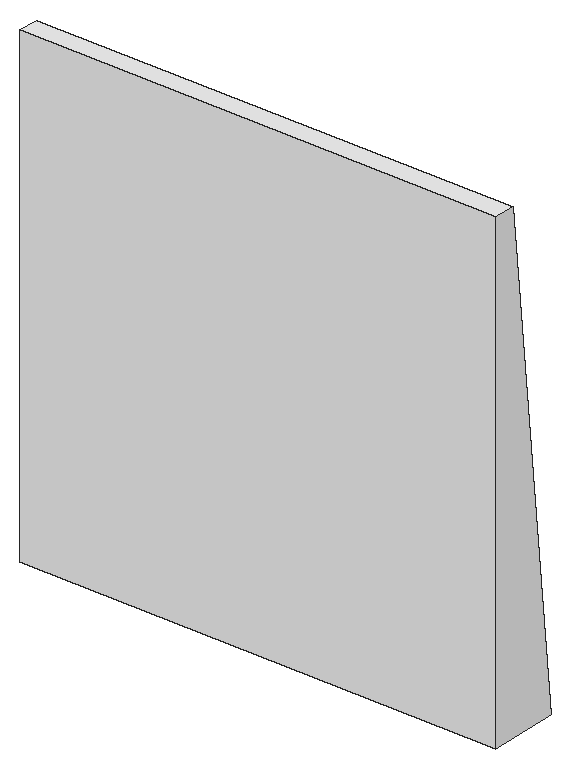
Revit family
Parameters (values of type "35x35 mm")
  Switch Material = Plastic
  Mounting Height = 1000 mm
Reference planes
  plane 1: y = 0
  plane 2 "Center (Left/Right)": x = 125
  plane 3 "Back": y = 75
  plane 4: z = 1000
Forms (mm)
  Blend 1, solid, material "Plastic" <- "Switch Material"
    base sketch origin (0, 0, 1000) x (0, 1, 0) y (-1, 0, 0)
      loop
        line (75, -142.5) -> (80, -142.5) -> (80, -107.5) -> (75, -107.5) -> (75, -142.5)
    top sketch origin (0, 0, 1000) x (0, 1, 0) y (-1, 0, 0)
      loop
        line (75, -142.5) -> (76.5, -142.5) -> (76.5, -107.5) -> (75, -107.5) -> (75, -142.5)
    from 0 to 35
  Extrusion 2, void
    sketch origin (0, 80, -0.79) x (0, 0, -1) y (-1, 0, 0)
      loop
        arc (-1017.206, -125.734) -> (-1015.222, -127.265) -> (-1012.787, -127.861) r 6.052
        arc (-1012.787, -127.861) -> (-1011.665, -128.224) -> (-1010.79, -129.013) r 2.821
        line (-1010.79, -129.013) -> (-1010.79, -125.645)
        arc (-1010.79, -125.645) -> (-1010.156, -125.011) -> (-1010.79, -124.378) r 0.634
        line (-1010.79, -124.378) -> (-1010.79, -120.987)
        arc (-1010.79, -120.987) -> (-1011.665, -121.776) -> (-1012.787, -122.139) r 2.821
        arc (-1012.787, -122.139) -> (-1015.222, -122.735) -> (-1017.206, -124.266) r 6.052
        arc (-1017.206, -124.266) -> (-1017.5, -125) -> (-1017.206, -125.734) r 1.064
      loop
        arc (-1016.516, -125) -> (-1014.824, -126.346) -> (-1012.724, -126.862) r 5.052
        arc (-1012.724, -126.862) -> (-1012.251, -126.936) -> (-1011.79, -127.069) r 3.821
        line (-1011.79, -127.069) -> (-1011.79, -122.931)
        arc (-1011.79, -122.931) -> (-1012.251, -123.064) -> (-1012.724, -123.138) r 3.821
        arc (-1012.724, -123.138) -> (-1014.824, -123.654) -> (-1016.516, -125) r 5.052
    from -0.371 to -1.843
Cuts and joins
  Extrusion 2 cuts Blend 1
Lines and regions (mm)
  symbolic lines
    curve 1: line (107.5, 80, 0) -> (142.5, 80, 0)
    curve 2: line (107.5, 75, 0) -> (107.5, 80, 0)
    curve 3: line (142.5, 75, 0) -> (107.5, 75, 0)
    curve 4: line (142.5, 80, 0) -> (142.5, 75, 0)
Text (mm)
  text "Placement side" at (-1867.185, 1116.779, 0), in view "Ref. Level"
  text "Placement side" at (0, 1270.507, 3001.832), in view "Left"
  text "Placement side" at (0, 530.812, 2999.686), in view "Right"
Dimensions and locks
  locked: plane 3 "Back" to host wall
  "Mounting Height": level to plane 4
  locked: plane 3 "Back" to curve 1 at 5
  locked: plane 3 "Back" to cut or joined group of Blend 1, Extrusion 2 at 5
  locked: cut or joined group of Blend 1, Extrusion 2 to cut or joined group of Blend 1, Extrusion 2 at 1.657
  aligned and locked: plane 1 to host wall
  aligned and locked: curve 1 to cut or joined group of Blend 1, Extrusion 2
  aligned and locked: curve 4 to cut or joined group of Blend 1, Extrusion 2
Automatic sketch dimensions
  Blend 1 sketch curve to host wall = 0 mm  (x2)
  plane 2 "Center (Left/Right)" to Blend 1 sketch curve = 17.5 mm  (x2)
  Blend 1 sketch curve to plane 2 "Center (Left/Right)" = 17.5 mm  (x2)
  Blend 1 sketch curve to Blend 1 sketch curve = 1.5 mm
  Extrusion 2 sketch curve to Extrusion 2 sketch curve = 0 mm  (x9)
  Extrusion 2 sketch curve to plane 2 "Center (Left/Right)" = 0 mm  (x2)
  plane 2 "Center (Left/Right)" to Extrusion 2 sketch curve = 0.734 mm
  Extrusion 2 sketch curve to plane 4 = 16.416 mm
  Extrusion 2 sketch curve to Extrusion 2 sketch curve = 0.69 mm
  Extrusion 2 sketch curve to Extrusion 2 sketch curve = 0.08 mm
  Extrusion 2 sketch curve to Extrusion 2 sketch curve = 4.13 mm  (x2)
  plane 2 "Center (Left/Right)" to Extrusion 2 sketch curve = 5.667 mm
  Extrusion 2 sketch curve to Extrusion 2 sketch curve = 0.289 mm  (x2)
  Extrusion 2 sketch curve to Extrusion 2 sketch curve = 0.063 mm  (x2)
  Extrusion 2 sketch curve to Extrusion 2 sketch curve = 0.189 mm  (x2)
  Extrusion 2 sketch curve to Extrusion 2 sketch curve = 0.934 mm
  Extrusion 2 sketch curve to Extrusion 2 sketch curve = 1.808 mm
  Extrusion 2 sketch curve to Extrusion 2 sketch curve = 1.654 mm
  Extrusion 2 sketch curve to Extrusion 2 sketch curve = 0.327 mm
  plane 2 "Center (Left/Right)" to Extrusion 2 sketch curve = 0.645 mm
  plane 2 "Center (Left/Right)" to Extrusion 2 sketch curve = 0.011 mm
  Extrusion 2 sketch curve to Extrusion 2 sketch curve = 0.207 mm
  curve 3 to host wall = 0 mm
  host wall to Blend 1 sketch curve = 5 mm
